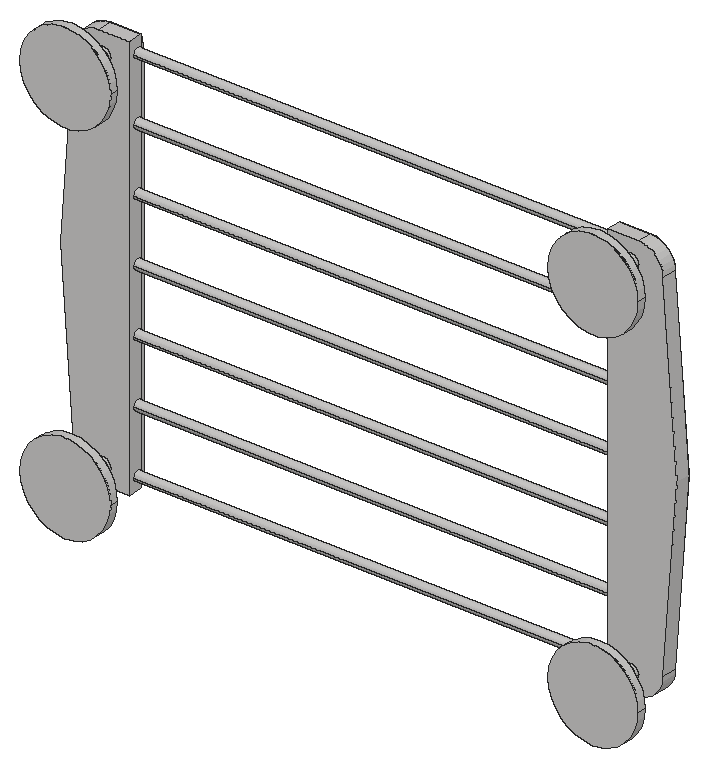
Revit family
Parameters
  towel rack = Steel
  Subcategory = "Bathroom Fixture"
  SmartBIM Object Version = 3  # constant formula
  SmartBIM Object Created By = "Reed Construction Data"  # constant formula
  Assembly Code = "E1090400"
  95 CSI = "12440"  # constant formula
  04 CSI = "12 44 00"  # constant formula
Reference planes (in)
  plane 1: y = 0
  plane 2 "Back": y = 2.9058
  plane 3: z = 42
  plane 4: x = 12
  plane 5: x = -23.94141
  plane 6: z = 66.80078
  plane 7: x = -5.9707
Forms (in)
  Extrusion 1, solid, material "Steel" <- "towel rack"
    sketch origin (-1.875, 2.9058, 103.1875) x (1, 0, 0) y (0, 0, 1)
      loop
        circle (12, -60) r 2
    from -0.5 to -0.79494
  Blend 2, solid, material "Steel" <- "towel rack"
    base sketch origin (-1.875, 2.9058, 103.1875) x (1, 0, 0) y (0, 0, 1)
      loop
        circle (12, -60) r 2
    top sketch origin (-1.875, 2.9058, 103.1875) x (1, 0, 0) y (0, 0, 1)
      loop
        circle (12, -60) r 1.5
    from -0.79494 to -1.16606
  Extrusion 3, solid, material "Steel" <- "towel rack"
    sketch origin (-1.875, 1.73811, 103.1875) x (1, 0, 0) y (0, 0, 1)
      loop
        circle (12, -60) r 2.75
    from -1.66769 to -1.16769
  Extrusion 4, solid, material "Steel" <- "towel rack"
    sketch origin (-11.94141, 2.9058, 0) x (-1, 0, 0) y (0, 0, -1)
      loop
        line (8.62109, -42) -> (8.62109, -66.80078) -> (10.5, -66.80078)
        arc (10.5, -66.80078) -> (11.56066, -66.36144) -> (12, -65.30078) r 1.5
        arc (12, -65.30078) -> (12.80462, -54.40039) -> (12, -43.5) r 74.23721
        arc (12, -43.5) -> (11.56066, -42.43934) -> (10.5, -42) r 1.5
        line (10.5, -42) -> (8.62109, -42)
    from -3 to -3.91236
  Blend 5, solid, material "Steel" <- "towel rack"
    base sketch origin (-11.94141, 2.9058, 0) x (-1, 0, 0) y (0, 0, -1)
      loop
        line (8.62109, -66.80078) -> (10.5, -66.80078)
        arc (10.5, -66.80078) -> (11.56066, -66.36144) -> (12, -65.30078) r 1.5
        arc (12, -65.30078) -> (12.80462, -54.40039) -> (12, -43.5) r 74.23721
        arc (12, -43.5) -> (11.56066, -42.43934) -> (10.5, -42) r 1.5
        line (10.5, -42) -> (8.62109, -42) -> (8.62109, -66.80078)
    top sketch origin (-11.94141, 2.9058, 0) x (-1, 0, 0) y (0, 0, -1)
      loop
        arc (10.99704, -43.5543) -> (10.87226, -43.1662) -> (10.5, -43) r 0.5
        line (10.5, -43) -> (8.62109, -43) -> (8.62109, -65.80078) -> (10.5, -65.80078)
        arc (10.5, -65.80078) -> (10.87226, -65.63458) -> (10.99704, -65.24648) r 0.5
        arc (10.99704, -65.24648) -> (11.80462, -54.40039) -> (10.99704, -43.5543) r 73.23721
    from -3.91236 to -4.08424
  Extrusion 6, solid, material "Steel" <- "towel rack"
    sketch origin (0, 2.9058, 0) x (1, 0, 0) y (0, 0, 1)
      loop
        circle (10.125, 43.1875) r 0.62157
    from -2.49857 to -1.16606
  Extrusion 7, solid, material "Steel" <- "towel rack"
    sketch origin (-5.9707, 0, 0) x (0, 1, 0) y (0, 0, 1)
      loop
        circle (6.49198, 42.84737) r 0.28753
    from -14.5918 to 14.5918
  Extrusion 8, solid, material "Steel" <- "towel rack"
    sketch origin (-5.9707, 0, 23.10605) x (0, 1, 0) y (0, 0, 1)
      loop
        circle (6.49198, 42.84737) r 0.28753
    from -14.5918 to 14.5918
  Extrusion 9, solid, material "Steel" <- "towel rack"
    sketch origin (-5.9707, 0, 3.85101) x (0, 1, 0) y (0, 0, 1)
      loop
        circle (6.49198, 42.84737) r 0.28753
    from -14.5918 to 14.5918
  Extrusion 10, solid, material "Steel" <- "towel rack"
    sketch origin (-5.9707, 0, 7.70202) x (0, 1, 0) y (0, 0, 1)
      loop
        circle (6.49198, 42.84737) r 0.28753
    from -14.5918 to 14.5918
  Extrusion 11, solid, material "Steel" <- "towel rack"
    sketch origin (-5.9707, 0, 11.55303) x (0, 1, 0) y (0, 0, 1)
      loop
        circle (6.49198, 42.84737) r 0.28753
    from -14.5918 to 14.5918
  Extrusion 12, solid, material "Steel" <- "towel rack"
    sketch origin (-5.9707, 0, 15.40403) x (0, 1, 0) y (0, 0, 1)
      loop
        circle (6.49198, 42.84737) r 0.28753
    from -14.5918 to 14.5918
  Extrusion 13, solid, material "Steel" <- "towel rack"
    sketch origin (-5.9707, 0, 19.25504) x (0, 1, 0) y (0, 0, 1)
      loop
        circle (6.49198, 42.84737) r 0.28753
    from -14.5918 to 14.5918
  Extrusion 14, solid, material "Steel" <- "towel rack"
    sketch origin (0, 2.9058, 0) x (1, 0, 0) y (0, 0, 1)
      loop
        circle (10.125, 43.1875) r 0.46195
    from -2.49857 to -2.86575
  Blend 15, solid, material "Steel" <- "towel rack"
    base sketch origin (0, 2.9058, 0) x (1, 0, 0) y (0, 0, 1)
      loop
        circle (10.125, 43.1875) r 0.33533
    top sketch origin (0, 2.9058, 0) x (1, 0, 0) y (0, 0, 1)
      loop
        circle (10.125, 43.1875) r 0.25
    from -2.86575 to -3
  Extrusion 16, solid, material "Steel" <- "towel rack"
    sketch origin (0, 2.9058, 0) x (1, 0, 0) y (0, 0, 1)
      loop
        line (8.62109, 42) -> (10.5, 42)
        arc (10.5, 42) -> (11.56066, 42.43934) -> (12, 43.5) r 1.5
        arc (12, 43.5) -> (12.80462, 54.40039) -> (12, 65.30078) r 74.23721
        arc (12, 65.30078) -> (11.56066, 66.36144) -> (10.5, 66.80078) r 1.5
        line (10.5, 66.80078) -> (8.62109, 66.80078) -> (8.62109, 42)
    from -3 to -3.91236
  Blend 17, solid, material "Steel" <- "towel rack"
    base sketch origin (0, 2.9058, 0) x (1, 0, 0) y (0, 0, 1)
      loop
        line (8.62109, 66.80078) -> (8.62109, 42) -> (10.5, 42)
        arc (10.5, 42) -> (11.56066, 42.43934) -> (12, 43.5) r 1.5
        arc (12, 43.5) -> (12.80462, 54.40039) -> (12, 65.30078) r 74.23721
        arc (12, 65.30078) -> (11.56066, 66.36144) -> (10.5, 66.80078) r 1.5
        line (10.5, 66.80078) -> (8.62109, 66.80078)
    top sketch origin (0, 2.9058, 0) x (1, 0, 0) y (0, 0, 1)
      loop
        arc (10.99704, 43.5543) -> (11.80462, 54.40039) -> (10.99704, 65.24648) r 73.23721
        arc (10.99704, 65.24648) -> (10.87226, 65.63458) -> (10.5, 65.80078) r 0.5
        line (10.5, 65.80078) -> (8.62109, 65.80078) -> (8.62109, 43) -> (10.5, 43)
        arc (10.5, 43) -> (10.87226, 43.1662) -> (10.99704, 43.5543) r 0.5
    from -3.91236 to -4.08424
  Extrusion 18, solid, material "Steel" <- "towel rack"
    sketch origin (-10.06641, 2.9058, 103.1875) x (-1, 0, 0) y (0, 0, -1)
      loop
        circle (12, 60) r 2
    from -0.5 to -0.79494
  Blend 19, solid, material "Steel" <- "towel rack"
    base sketch origin (-10.06641, 2.9058, 103.1875) x (-1, 0, 0) y (0, 0, -1)
      loop
        circle (12, 60) r 2
    top sketch origin (-10.06641, 2.9058, 103.1875) x (-1, 0, 0) y (0, 0, -1)
      loop
        circle (12, 60) r 1.5
    from -0.79494 to -1.16606
  Extrusion 20, solid, material "Steel" <- "towel rack"
    sketch origin (-10.06641, 1.73811, 103.1875) x (-1, 0, 0) y (0, 0, -1)
      loop
        circle (12, 60) r 2.75
    from -1.66769 to -1.16769
  Extrusion 21, solid, material "Steel" <- "towel rack"
    sketch origin (-11.94141, 2.9058, 0) x (-1, 0, 0) y (0, 0, -1)
      loop
        circle (10.125, -43.1875) r 0.62157
    from -2.49857 to -1.16606
  Extrusion 22, solid, material "Steel" <- "towel rack"
    sketch origin (-11.94141, 2.9058, 0) x (-1, 0, 0) y (0, 0, -1)
      loop
        circle (10.125, -43.1875) r 0.46195
    from -2.49857 to -2.86575
  Blend 23, solid, material "Steel" <- "towel rack"
    base sketch origin (-11.94141, 2.9058, 0) x (-1, 0, 0) y (0, 0, -1)
      loop
        circle (10.125, -43.1875) r 0.33533
    top sketch origin (-11.94141, 2.9058, 0) x (-1, 0, 0) y (0, 0, -1)
      loop
        circle (10.125, -43.1875) r 0.25
    from -2.86575 to -3
  Extrusion 24, solid, material "Steel" <- "towel rack"
    sketch origin (-1.875, 2.9058, 5.61328) x (1, 0, 0) y (0, 0, 1)
      loop
        circle (12, 60) r 2
    from -0.5 to -0.79494
  Blend 25, solid, material "Steel" <- "towel rack"
    base sketch origin (-1.875, 2.9058, 5.61328) x (1, 0, 0) y (0, 0, 1)
      loop
        circle (12, 60) r 2
    top sketch origin (-1.875, 2.9058, 5.61328) x (1, 0, 0) y (0, 0, 1)
      loop
        circle (12, 60) r 1.5
    from -0.79494 to -1.16606
  Extrusion 26, solid, material "Steel" <- "towel rack"
    sketch origin (-1.875, 1.73811, 5.61328) x (1, 0, 0) y (0, 0, 1)
      loop
        circle (12, 60) r 2.75
    from -1.66769 to -1.16769
  Extrusion 27, solid, material "Steel" <- "towel rack"
    sketch origin (0, 2.9058, 108.80078) x (1, 0, 0) y (0, 0, 1)
      loop
        circle (10.125, -43.1875) r 0.62157
    from -2.49857 to -1.16606
  Extrusion 28, solid, material "Steel" <- "towel rack"
    sketch origin (0, 2.9058, 108.80078) x (1, 0, 0) y (0, 0, 1)
      loop
        circle (10.125, -43.1875) r 0.46195
    from -2.49857 to -2.86575
  Blend 29, solid, material "Steel" <- "towel rack"
    base sketch origin (0, 2.9058, 108.80078) x (1, 0, 0) y (0, 0, 1)
      loop
        circle (10.125, -43.1875) r 0.33533
    top sketch origin (0, 2.9058, 108.80078) x (1, 0, 0) y (0, 0, 1)
      loop
        circle (10.125, -43.1875) r 0.25
    from -2.86575 to -3
  Extrusion 30, solid, material "Steel" <- "towel rack"
    sketch origin (-10.06641, 2.9058, 5.61328) x (-1, 0, 0) y (0, 0, -1)
      loop
        circle (12, -60) r 2
    from -0.5 to -0.79494
  Blend 31, solid, material "Steel" <- "towel rack"
    base sketch origin (-10.06641, 2.9058, 5.61328) x (-1, 0, 0) y (0, 0, -1)
      loop
        circle (12, -60) r 2
    top sketch origin (-10.06641, 2.9058, 5.61328) x (-1, 0, 0) y (0, 0, -1)
      loop
        circle (12, -60) r 1.5
    from -0.79494 to -1.16606
  Extrusion 32, solid, material "Steel" <- "towel rack"
    sketch origin (-10.06641, 1.73811, 5.61328) x (-1, 0, 0) y (0, 0, -1)
      loop
        circle (12, -60) r 2.75
    from -1.66769 to -1.16769
  Extrusion 33, solid, material "Steel" <- "towel rack"
    sketch origin (-11.94141, 2.9058, 108.80078) x (-1, 0, 0) y (0, 0, -1)
      loop
        circle (10.125, 43.1875) r 0.62157
    from -2.49857 to -1.16606
  Extrusion 34, solid, material "Steel" <- "towel rack"
    sketch origin (-11.94141, 2.9058, 108.80078) x (-1, 0, 0) y (0, 0, -1)
      loop
        circle (10.125, 43.1875) r 0.46195
    from -2.49857 to -2.86575
  Blend 35, solid, material "Steel" <- "towel rack"
    base sketch origin (-11.94141, 2.9058, 108.80078) x (-1, 0, 0) y (0, 0, -1)
      loop
        circle (10.125, 43.1875) r 0.33533
    top sketch origin (-11.94141, 2.9058, 108.80078) x (-1, 0, 0) y (0, 0, -1)
      loop
        circle (10.125, 43.1875) r 0.25
    from -2.86575 to -3
Text (in)
  text "Placement Side" at (0, 40.15149, 123.01588), in view "Right"
  text "Placement Side" at (-58.6842, 42.74981, 0), in view "Ref. Level"
  text "Placement Side" at (0, 47.49176, 140.59947), in view "Left"
Dimensions and locks (in)
  locked: plane 2 "Back" to host wall
  locked: plane 2 "Back" to Extrusion 8 at 3.29865
  locked: plane 2 "Back" to Extrusion 13 at 3.29865
  locked: plane 2 "Back" to Extrusion 12 at 3.29865
  locked: plane 2 "Back" to Extrusion 11 at 3.29865
  locked: plane 2 "Back" to Extrusion 10 at 3.29865
  locked: plane 2 "Back" to Extrusion 9 at 3.29865
  locked: plane 2 "Back" to Extrusion 7 at 3.29865
  equal spacing: plane 5, plane 7, plane 4
  aligned and locked: Extrusion 3 to Extrusion 1
  aligned and locked: Blend 2 to Extrusion 1
  aligned and locked: Blend 5 sketch curve to Extrusion 4  (x3)
  aligned and locked: Extrusion 4 to Blend 5
  aligned and locked: Extrusion 8 to Blend 5
  aligned and locked: Extrusion 13 to Blend 5
  aligned and locked: Extrusion 12 to Blend 5
  aligned and locked: Extrusion 11 to Blend 5
  aligned and locked: Extrusion 10 to Blend 5
  aligned and locked: Extrusion 9 to Blend 5
  aligned and locked: Extrusion 7 to Blend 5
  aligned and locked: Extrusion 14 to Blend 15
  aligned and locked: Blend 17 sketch curve to Extrusion 16  (x3)
  aligned and locked: Blend 17 to Extrusion 16
  aligned and locked: Extrusion 18 to Extrusion 20
  aligned and locked: Extrusion 18 to Blend 19
  aligned and locked: Blend 23 to Extrusion 22
  aligned and locked: Extrusion 24 to Extrusion 26
  aligned and locked: Extrusion 24 to Blend 25
  aligned and locked: Blend 29 to Extrusion 28
  aligned and locked: Extrusion 32 to Extrusion 30
  aligned and locked: Blend 31 to Extrusion 30
  aligned and locked: Extrusion 34 to Blend 35
  aligned and locked: Extrusion 20 to host wall
  aligned and locked: Extrusion 32 to host wall
  aligned and locked: Extrusion 26 to host wall
  aligned and locked: Extrusion 3 to host wall
Automatic sketch dimensions
  plane 4 to Extrusion 1 sketch curve = 1 7/8"
  Extrusion 1 sketch curve to plane 3 = 1 3/16"
  plane 4 to Blend 2 sketch curve = 1 7/8"  (x2)
  Blend 2 sketch curve to plane 3 = 1 3/16"  (x2)
  Extrusion 3 sketch curve to plane 4 = 1 7/8"
  plane 3 to Extrusion 3 sketch curve = 1 3/16"
  Extrusion 4 sketch curve to plane 6 = 0"
  Extrusion 4 sketch curve to plane 3 = 0"
  Extrusion 4 sketch curve to plane 5 = 0"  (x2)
  Extrusion 4 sketch curve to plane 5 = 1 1/2"  (x2)
  Extrusion 4 sketch curve to Extrusion 4 sketch curve = 1 225/256"
  Extrusion 4 sketch curve to plane 4 = 37.49118"
  Blend 5 sketch curve to Blend 5 sketch curve = 1 225/256"
  Blend 5 sketch curve to plane 3 = 12.40039"
  Blend 5 sketch curve to plane 4 = 37.49118"
  plane 6 to Blend 5 sketch curve = 1"
  Blend 5 sketch curve to plane 5 = 3 97/256"
  Blend 5 sketch curve to plane 5 = 1 1/2"  (x2)
  Blend 5 sketch curve to Blend 5 sketch curve = 0.49704"  (x2)
  Blend 5 sketch curve to plane 3 = 1.5543"
  Blend 5 sketch curve to Blend 5 sketch curve = 0.0543"
  Extrusion 6 sketch curve to plane 4 = 1 7/8"
  plane 3 to Extrusion 6 sketch curve = 1 3/16"
  plane 3 to Extrusion 7 sketch curve = 0.84737"
  host wall to Extrusion 7 sketch curve = 3.58618"
  Extrusion 8 sketch curve to plane 6 = 0.84737"
  host wall to Extrusion 8 sketch curve = 3.58618"
  host wall to Extrusion 9 sketch curve = 3.58618"
  plane 3 to Extrusion 9 sketch curve = 4.69837"
  host wall to Extrusion 10 sketch curve = 3.58618"
  plane 3 to Extrusion 10 sketch curve = 8.54938"
  host wall to Extrusion 11 sketch curve = 3.58618"
  plane 3 to Extrusion 11 sketch curve = 12.40039"
  host wall to Extrusion 12 sketch curve = 3.58618"
  Extrusion 12 sketch curve to plane 6 = 8.54938"
  host wall to Extrusion 13 sketch curve = 3.58618"
  Extrusion 13 sketch curve to plane 6 = 4.69837"
  Extrusion 14 sketch curve to plane 4 = 1 7/8"
  plane 3 to Extrusion 14 sketch curve = 1 3/16"
  Blend 15 sketch curve to plane 4 = 1 7/8"  (x2)
  plane 3 to Blend 15 sketch curve = 1 3/16"  (x2)
  Extrusion 16 sketch curve to plane 6 = 0"
  Extrusion 16 sketch curve to plane 3 = 0"
  Extrusion 16 sketch curve to plane 4 = 0"  (x2)
  Extrusion 16 sketch curve to plane 4 = 1 1/2"  (x2)
  Extrusion 16 sketch curve to Extrusion 16 sketch curve = 1 225/256"
  Extrusion 16 sketch curve to plane 5 = 37.49118"
  Blend 17 sketch curve to Blend 17 sketch curve = 1 225/256"
  plane 3 to Blend 17 sketch curve = 12.40039"
  Blend 17 sketch curve to plane 5 = 37.49118"
  Blend 17 sketch curve to plane 6 = 1"
  Blend 17 sketch curve to plane 4 = 3 97/256"
  Blend 17 sketch curve to plane 4 = 1 1/2"  (x2)
  Blend 17 sketch curve to Blend 17 sketch curve = 0.49704"  (x2)
  plane 3 to Blend 17 sketch curve = 1.5543"
  Blend 17 sketch curve to Blend 17 sketch curve = 0.0543"
  plane 5 to Extrusion 18 sketch curve = 1 7/8"
  plane 3 to Extrusion 18 sketch curve = 1 3/16"
  plane 5 to Blend 19 sketch curve = 1 7/8"  (x2)
  plane 3 to Blend 19 sketch curve = 1 3/16"  (x2)
  plane 5 to Extrusion 20 sketch curve = 1 7/8"
  plane 3 to Extrusion 20 sketch curve = 1 3/16"
  Extrusion 21 sketch curve to plane 5 = 1 7/8"
  Extrusion 21 sketch curve to plane 3 = 1 3/16"
  Extrusion 22 sketch curve to plane 5 = 1 7/8"
  Extrusion 22 sketch curve to plane 3 = 1 3/16"
  Blend 23 sketch curve to plane 5 = 1 7/8"  (x2)
  Blend 23 sketch curve to plane 3 = 1 3/16"  (x2)
  Extrusion 24 sketch curve to plane 4 = 1 7/8"
  Extrusion 24 sketch curve to plane 6 = 1 3/16"
  Blend 25 sketch curve to plane 4 = 1 7/8"  (x2)
  Blend 25 sketch curve to plane 6 = 1 3/16"  (x2)
  Extrusion 26 sketch curve to plane 4 = 1 7/8"
  Extrusion 26 sketch curve to plane 6 = 1 3/16"
  plane 4 to Extrusion 27 sketch curve = 1 7/8"
  plane 6 to Extrusion 27 sketch curve = 1 3/16"
  plane 4 to Extrusion 28 sketch curve = 1 7/8"
  plane 6 to Extrusion 28 sketch curve = 1 3/16"
  plane 4 to Blend 29 sketch curve = 1 7/8"  (x2)
  plane 6 to Blend 29 sketch curve = 1 3/16"  (x2)
  Extrusion 30 sketch curve to plane 5 = 1 7/8"
  plane 6 to Extrusion 30 sketch curve = 1 3/16"
  Blend 31 sketch curve to plane 5 = 1 7/8"  (x2)
  plane 6 to Blend 31 sketch curve = 1 3/16"  (x2)
  plane 5 to Extrusion 32 sketch curve = 1 7/8"
  Extrusion 32 sketch curve to plane 6 = 1 3/16"
  plane 5 to Extrusion 33 sketch curve = 1 7/8"
  Extrusion 33 sketch curve to plane 6 = 1 3/16"
  plane 5 to Extrusion 34 sketch curve = 1 7/8"
  Extrusion 34 sketch curve to plane 6 = 1 3/16"
  plane 5 to Blend 35 sketch curve = 1 7/8"  (x2)
  Blend 35 sketch curve to plane 6 = 1 3/16"  (x2)
  radius of Extrusion 1 sketch curve = 2"
  radius of Blend 2 sketch curve = 2"
  radius of Blend 2 sketch curve = 1 1/2"
  radius of Extrusion 3 sketch curve = 2 3/4"
  radius of Extrusion 6 sketch curve = 0.62157"
  radius of Extrusion 7 sketch curve = 0.28753"
  radius of Extrusion 8 sketch curve = 0.28753"
  radius of Extrusion 9 sketch curve = 0.28753"
  radius of Extrusion 10 sketch curve = 0.28753"
  radius of Extrusion 11 sketch curve = 0.28753"
  radius of Extrusion 12 sketch curve = 0.28753"
  radius of Extrusion 13 sketch curve = 0.28753"
  radius of Extrusion 14 sketch curve = 0.46195"
  radius of Blend 15 sketch curve = 0.33533"
  radius of Blend 15 sketch curve = 1/4"
  radius of Extrusion 18 sketch curve = 2"
  radius of Blend 19 sketch curve = 2"
  radius of Blend 19 sketch curve = 1 1/2"
  radius of Extrusion 20 sketch curve = 2 3/4"
  radius of Extrusion 21 sketch curve = 0.62157"
  radius of Extrusion 22 sketch curve = 0.46195"
  radius of Blend 23 sketch curve = 0.33533"
  radius of Blend 23 sketch curve = 1/4"
  radius of Extrusion 24 sketch curve = 2"
  radius of Blend 25 sketch curve = 2"
  radius of Blend 25 sketch curve = 1 1/2"
  radius of Extrusion 26 sketch curve = 2 3/4"
  radius of Extrusion 27 sketch curve = 0.62157"
  radius of Extrusion 28 sketch curve = 0.46195"
  radius of Blend 29 sketch curve = 0.33533"
  radius of Blend 29 sketch curve = 1/4"
  radius of Extrusion 30 sketch curve = 2"
  radius of Blend 31 sketch curve = 2"
  radius of Blend 31 sketch curve = 1 1/2"
  radius of Extrusion 32 sketch curve = 2 3/4"
  radius of Extrusion 33 sketch curve = 0.62157"
  radius of Extrusion 34 sketch curve = 0.46195"
  radius of Blend 35 sketch curve = 0.33533"
  radius of Blend 35 sketch curve = 1/4"
